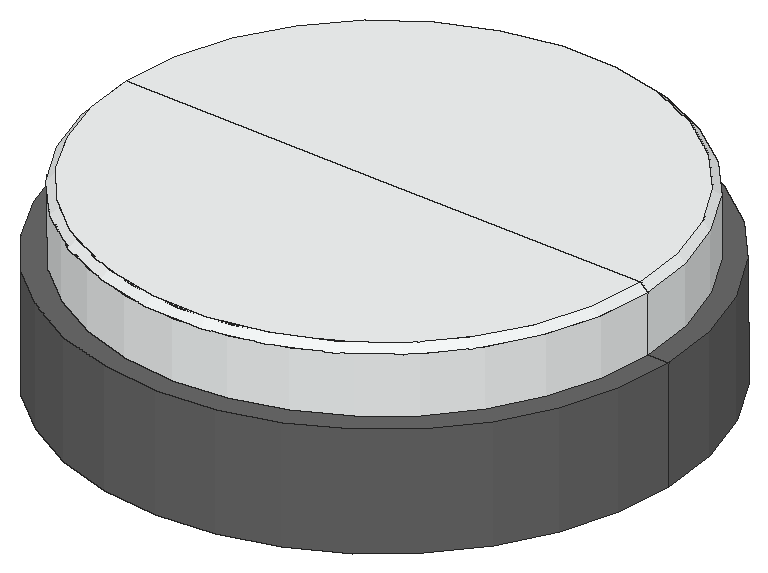
Revit family "33523_HOST_FACE", category Lighting Fixtures, host Face, Revit 2018
Family settings
  Host = Face
  Round Connector Dimension = Use Diameter
  Part Type = Normal
  Cut with Voids When Loaded = Yes
  Light Source = Yes
  Shared = No
  Room Calculation Point = No
Parameters (values of type "Ceiling and Wall Luminaires - Unshielded")
  Wattage = 6.29452 W
  built-in parameter 1150110 = 1 (stored number, unit not read)
  URL = "www.bega-us.com"
  built-in parameter 1114217 = 1 (stored number, unit not read)
  Tilt Angle = 180.00°
  built-in parameter 1150109 = 1 (stored number, unit not read)
  built-in parameter 1150134 = (empty or 0)
  Telephone = "805.684.0533"
  built-in parameter 1150113 = 1 (stored number, unit not read)
  Photometric Web File = "33523.IES"
  Model = "33 523"
  Manufacturer = "BEGA-US"
  built-in parameter 1150105 = 74.405 (stored number, unit not read)
  Lumens = 935 lm
  built-in parameter 1150115 = 1 (stored number, unit not read)
  built-in parameter 1150137 = (empty or 0)
  built-in parameter 1150139 = (empty or 0)
  built-in parameter 1150112 = 1 (stored number, unit not read)
  built-in parameter 1150114 = 1 (stored number, unit not read)
  Lamp = "10.5W LED"
  built-in parameter 1150132 = 2
  built-in parameter 1150102 = (empty or 0)
  built-in parameter 1150107 = 3000 (stored number, unit not read)
  built-in parameter 1150138 = (empty or 0)
  built-in parameter 1150106 = 0.74405 (stored number, unit not read)
  built-in parameter 1150104 = 13.8 (stored number, unit not read)
  Dimming Lamp Color Temperature Shift = <None>
  Description = "LED ceiling and wall luminaires - impact resistant"
  Default Elevation = 0' - 0"
  Color Filter = 16777215
  built-in parameter 1114218 = 1 (stored number, unit not read)
  built-in parameter 1150133 = 10 (stored number, unit not read)
Types (27): name | Wattage | Tilt Angle | built-in parameter 1150134 | Photometric Web File | Model | built-in parameter 1150105 | Lumens | Lamp | built-in parameter 1150107 | built-in parameter 1150106 | Description | Default Elevation
  (no name) | 6.29452 W | 180.00° | (empty or 0) | "33523.IES" | "33 523" | 74.405 (stored number, unit not read) | 935 lm | "10.5W LED" | 3000 (stored number, unit not read) | 0.74405 (stored number, unit not read) | "LED ceiling and wall luminaires - impact resistant" | 0' - 0"
  Wall Luminaires - Directed Light | 18.4392 W | 90.00° | (empty or 0) | "generic" | "2260LED" | 217.96 (stored number, unit not read) | 2739 lm | "44.6W LED" | 3000 (stored number, unit not read) | 2.1796 (stored number, unit not read) | "Surface wall with cutoff optics" | 6' - 0"
  Wall Luminaires - Linear | 9.92985 W | 90.00° | 9 | "generic" | "4425P" | 117.38 (stored number, unit not read) | 1475 lm | "(1) 39W CF twin-4-p" | 3450 (stored number, unit not read) | 1.1738 (stored number, unit not read) | "Suface wall - linear with white acrylic diffuser" | 6' - 0"
  Ceiling and Wall Luminaires - Unshielded | 6.29452 W | 180.00° | (empty or 0) | "33523.IES" | "33 523" | 74.405 (stored number, unit not read) | 935 lm | "10.5W LED" | 3000 (stored number, unit not read) | 0.74405 (stored number, unit not read) | "LED ceiling and wall luminaires - impact resistant" | 0' - 0"
  Recessed Luminaires - Round | 2.66591 W | 0.00° | (empty or 0) | "33508.ies" | "33 508" | 31.513 (stored number, unit not read) | 396 lm | "W LED" | 3000 (stored number, unit not read) | 0.31513 (stored number, unit not read) | "LED ceiling and wall luminaires - impact resistant" | 0' - 0"
  Recessed Luminaires - Square | 0.0067321 W | 0.00° | (empty or 0) | "88754.IES" | 0' - 0" | 0.079577 (stored number, unit not read) | 1 lm | "W LED" | 3000 (stored number, unit not read) | 0.00079577 (stored number, unit not read) | 0' - 0" | 0' - 0"
  Recessed Luminaires - Retangular | 2.66591 W | 0.00° | (empty or 0) | "33508.ies" | "33 508" | 31.513 (stored number, unit not read) | 396 lm | "W LED" | 3000 (stored number, unit not read) | 0.31513 (stored number, unit not read) | "LED ceiling and wall luminaires - impact resistant" | 0' - 0"
  Recessed Luminaires - Elongated | 2.66591 W | 0.00° | (empty or 0) | "33508.ies" | "33 508" | 31.513 (stored number, unit not read) | 396 lm | "W LED" | 3000 (stored number, unit not read) | 0.31513 (stored number, unit not read) | "LED ceiling and wall luminaires - impact resistant" | 0' - 0"
  Recessed Ceiling Luminaires - Downlights | 2.66591 W | 0.00° | (empty or 0) | "33508.ies" | "33 508" | 31.513 (stored number, unit not read) | 396 lm | "W LED" | 3000 (stored number, unit not read) | 0.31513 (stored number, unit not read) | "LED ceiling and wall luminaires - impact resistant" | 0' - 0"
  Recessed Ceiling Luminaires - Asymmetric | 2.66591 W | 0.00° | (empty or 0) | "33508.ies" | "33 508" | 31.513 (stored number, unit not read) | 396 lm | "W LED" | 3000 (stored number, unit not read) | 0.31513 (stored number, unit not read) | "LED ceiling and wall luminaires - impact resistant" | 0' - 0"
  Pendant and Cable Suspended Luminaires - Shielded | 2.66591 W | 0.00° | (empty or 0) | "33508.ies" | "33 508" | 31.513 (stored number, unit not read) | 396 lm | "W LED" | 3000 (stored number, unit not read) | 0.31513 (stored number, unit not read) | "LED ceiling and wall luminaires - impact resistant" | 0' - 0"
  Pendant and Cable Suspended Luminaires - Directed | 2.66591 W | 0.00° | (empty or 0) | "33508.ies" | "33 508" | 31.513 (stored number, unit not read) | 396 lm | "W LED" | 3000 (stored number, unit not read) | 0.31513 (stored number, unit not read) | "LED ceiling and wall luminaires - impact resistant" | 0' - 0"
  Ceiling Luminaires - Downlights | 2.66591 W | 0.00° | (empty or 0) | "33508.ies" | "33 508" | 31.513 (stored number, unit not read) | 396 lm | "W LED" | 3000 (stored number, unit not read) | 0.31513 (stored number, unit not read) | "LED ceiling and wall luminaires - impact resistant" | 0' - 0"
  Ceiling Luminaires - Asymmetric | 2.66591 W | 0.00° | (empty or 0) | "33508.ies" | "33 508" | 31.513 (stored number, unit not read) | 396 lm | "W LED" | 3000 (stored number, unit not read) | 0.31513 (stored number, unit not read) | "LED ceiling and wall luminaires - impact resistant" | 0' - 0"
  Ceiling and Wall Luminaires - Stainless Steel | 2.66591 W | 0.00° | (empty or 0) | "33508.ies" | "33 508" | 31.513 (stored number, unit not read) | 396 lm | "W LED" | 3000 (stored number, unit not read) | 0.31513 (stored number, unit not read) | "LED ceiling and wall luminaires - impact resistant" | 0' - 0"
  Wall Luminaires - Stainless Steel | 2.66591 W | 0.00° | (empty or 0) | "33508.ies" | "33 508" | 31.513 (stored number, unit not read) | 396 lm | "W LED" | 3000 (stored number, unit not read) | 0.31513 (stored number, unit not read) | "LED ceiling and wall luminaires - impact resistant" | 0' - 0"
  Wall Luminaires - Unshielded Light | 2.66591 W | 0.00° | (empty or 0) | "33508.ies" | "33 508" | 31.513 (stored number, unit not read) | 396 lm | "W LED" | 3000 (stored number, unit not read) | 0.31513 (stored number, unit not read) | "LED ceiling and wall luminaires - impact resistant" | 0' - 0"
  Wall Luminaires - Shielded Light | 2.66591 W | 0.00° | (empty or 0) | "33508.ies" | "33 508" | 31.513 (stored number, unit not read) | 396 lm | "W LED" | 3000 (stored number, unit not read) | 0.31513 (stored number, unit not read) | "LED ceiling and wall luminaires - impact resistant" | 0' - 0"
  On-Ground Luminaires | 2.66591 W | 0.00° | (empty or 0) | "33508.ies" | "33 508" | 31.513 (stored number, unit not read) | 396 lm | "W LED" | 3000 (stored number, unit not read) | 0.31513 (stored number, unit not read) | "LED ceiling and wall luminaires - impact resistant" | 0' - 0"
  Light Design Elements | 2.66591 W | 0.00° | (empty or 0) | "33508.ies" | "33 508" | 31.513 (stored number, unit not read) | 396 lm | "W LED" | 3000 (stored number, unit not read) | 0.31513 (stored number, unit not read) | "LED ceiling and wall luminaires - impact resistant" | 0' - 0"
  LED System Bollard | 2.66591 W | 0.00° | (empty or 0) | "33508.ies" | "33 508" | 31.513 (stored number, unit not read) | 396 lm | "W LED" | 3000 (stored number, unit not read) | 0.31513 (stored number, unit not read) | "LED ceiling and wall luminaires - impact resistant" | 0' - 0"
  Bollards | 2.66591 W | 0.00° | (empty or 0) | "33508.ies" | "33 508" | 31.513 (stored number, unit not read) | 396 lm | "W LED" | 3000 (stored number, unit not read) | 0.31513 (stored number, unit not read) | "LED ceiling and wall luminaires - impact resistant" | 0' - 0"
  Bollards - Stainless Steel | 2.66591 W | 0.00° | (empty or 0) | "33508.ies" | "33 508" | 31.513 (stored number, unit not read) | 396 lm | "W LED" | 3000 (stored number, unit not read) | 0.31513 (stored number, unit not read) | "LED ceiling and wall luminaires - impact resistant" | 0' - 0"
  Light Building Elements | 2.66591 W | 0.00° | (empty or 0) | "33508.ies" | "33 508" | 31.513 (stored number, unit not read) | 396 lm | "W LED" | 3000 (stored number, unit not read) | 0.31513 (stored number, unit not read) | "LED ceiling and wall luminaires - impact resistant" | 0' - 0"
  Pole-top Luminaires - with asymmetrical light distribution | 2.66591 W | 0.00° | (empty or 0) | "33508.ies" | "33 508" | 31.513 (stored number, unit not read) | 396 lm | "W LED" | 3000 (stored number, unit not read) | 0.31513 (stored number, unit not read) | "LED ceiling and wall luminaires - impact resistant" | 0' - 0"
  Pole-top Luminaires - with symmetrical light distribution | 2.66591 W | 0.00° | (empty or 0) | "33508.ies" | "33 508" | 31.513 (stored number, unit not read) | 396 lm | "W LED" | 3000 (stored number, unit not read) | 0.31513 (stored number, unit not read) | "LED ceiling and wall luminaires - impact resistant" | 0' - 0"
  Pole-top Luminaires - with indirect light | 2.66591 W | 0.00° | (empty or 0) | "88754.IES" | "33 508" | 31.513 (stored number, unit not read) | 396 lm | "W LED" | 3000 (stored number, unit not read) | 0.31513 (stored number, unit not read) | "LED ceiling and wall luminaires - impact resistant" | 0' - 0"
Reference planes (in)
  plane 1 "Center (Front/Back)": y = 0
  plane 2: z = 0
  plane 3 "Center (Left/Right)": x = 0
Dimensions and locks (in)
  aligned and locked: plane 2 to host face
  aligned and locked: level to host face
Nested families (in)
  nested 1: "33523" at (0, 0, 0), type "33523"
Connectors (in)
  electrical at (0, 0, 0)
    settings: on host face, index 1, voltage 0 V, apparent load 0 VA, apparent load phase1 0 VA, apparent load phase2 0 VA, apparent load phase3 0 VA, power factor 1, load classification "Other", number of poles 1, system type 31, power factor state 1, is connector primary yes, connector utility no, sub classification motor no, connector description ""
Definition of nested family "33523"
  Reference planes (in)
    plane 1 "Center (Front/Back)": y = 0
    plane 2: z = 0
    plane 3 "Center (Left/Right)": x = 0
    plane 4: y = 0
  Forms (in)
    Revolve 1, solid
      sketch origin (0, 0, 0) x (1, 0, 0) y (0, 0, 1)
        loop
          line (0, 0) -> (0, 2) -> (-5.125, 2) -> (-5.125, 0) -> (0, 0)
        axis (0, 2) -> (0, 0)
      angle from 0 to 360
    Revolve 2, solid
      sketch origin (0, 0, 0) x (1, 0, 0) y (0, 0, 1)
        loop
          line (0, 3.125) -> (-4.625, 3.125) -> (-4.75, 3) -> (-4.75, 2) -> (0, 2) -> (0, 3.125)
        axis (0, 3.125) -> (0, 2)
      angle from 0 to 360
  Dimensions and locks (in)
    aligned and locked: plane 2 to level
